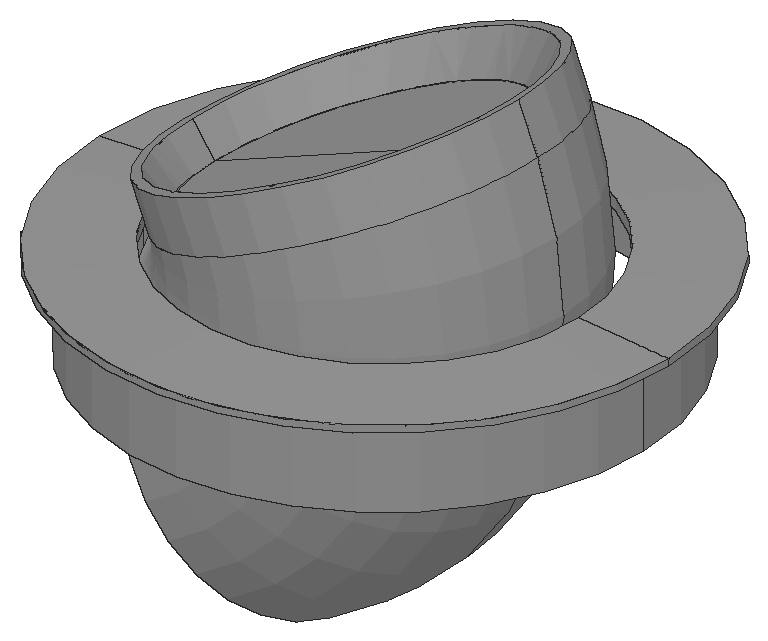
Revit family "0060581 Sylvania Lighting Fixture START Spot Scoop 1050lm 940 MB WHT", category Lighting Fixtures, host Face, Revit 2016
Family settings
  Host = Face
  Part Type = Normal
  Round Connector Dimension = Use Diameter
  OmniClass Number = 23.80.70.00
  OmniClass Title = Lighting
  Cut with Voids When Loaded = No
  Light Source = No
  Shared = No
  Room Calculation Point = No
Parameters (values of type "0060581 START Spot Scoop 1050lm 940 MB WHT")
  Weight = "8.208 kg"
  Wattage Comments = ""
  WarrantyStartDate [instance] = "n/a"
  WarrantyGuarantorParts = "n/a"
  WarrantyDurationUnit = "n/a"
  WarrantyDurationParts = "n/a"
  WarrantyDescription = "n/a"
  Voltage = 230 V
  URL = "http://www.sylvania-lighting.com"
  TypeName = "START Spot Scoop 1050lm 940 MB WHT"
  TypeHeadS_SYL = START Spot Scoop Head S : 0060581 START Spot Scoop 1050lm 940 MB WHT
  Type Image = <None>
  Type Comments = "n/a"
  SerialNumber [instance] = "n/a"
  S_SYL = yes
  RotationAngle_SYL [instance] = 22.00°
  Rad4_SYL = if(S_SYL, 43 mm, if(M_SYL, 67.7 mm, 95 mm))  # 43 mm
  Rad3_SYL = Rad2_SYL - 4 mm  # 53.5 mm
  Rad2_SYL = if(S_SYL, 57.5 mm, if(M_SYL, 77.5 mm, 102.5 mm))  # 57.5 mm
  Rad1_SYL = if(S_SYL, 63 mm, if(M_SYL, 83.5 mm, 110 mm))  # 63 mm
  PowerFactor = 0
  PowerConsumption = "11.8 W"
  NominalLength = 126 mm
  NominalHeight = 99 mm
  NominalDepth = 126 mm
  Name = "START Spot Scoop 1050lm 940 MB WHT"
  ModelReference = Name  # "START Spot Scoop 1050lm 940 MB WHT"
  ModelNumber = "0060581"
  Model = Name  # "START Spot Scoop 1050lm 940 MB WHT"
  Material = "n/a"
  ManufacturerName = "Feilo Sylvania"
  Manufacturer = "Feilo Sylvania"
  M_SYL = no
  LuminousEfficacy = "88.98 lm/W"
  LuminaireType = ""
  LightOutputRatio = "n/a"
  LampsType = Lamp  # "LED"
  LampNominalLuminous = "1050  lm"
  LampMacAdamStep = "n/a"
  LampColourTemperature = "4000 K"
  LampColourRenderingIndex = "90"
  Lamp = "LED"
  Keynote = "16500"
  InstallationDate [instance] = "n/a"
  InputVoltage = "n/a"
  InputNominalFrequency = "n/a"
  IngressProtection = "IP40"
  ImpactProtectionIndex = "IK03"
  IfcExportType = "IfcLightFixtureType"
  IfcExportAs = "IfcLightFixtureType"
  ExpectedLife = 50000
  EndAngle_SYL [instance] = RotationAngle_SYL + 180.00°  # 202.00°
  ElectricShockClassification = "Class II"
  DurationUnit = "hours"
  DocumentationLiterature = "http://www.sylvania-lighting.com/product/en-int/products/0060581"
  DimmingControlOptions = "Non dimmable"
  Description = "Recessed Adjustable Accent Downlight, integrated LED, die cast aluminium body, Ø115mm cut-out, CCT 4000K, 1050lm, total power consumption 12W, resulting in 88lm/W."
  Default Elevation = 1219.2 mm
  CreatedOn = "12/6/2018"
  CreatedBy = "@sylvania-lighting.com"
  Cost = 0
  built-in parameter 1114216 [instance] = (empty or 0)
  ClassificationValue = "EF_70_80"
  ClassificationName = "Uniclass2015"
  Material_1_SYL = PC/ABS Plastic
  BarCode [instance] = "n/a"
  AssetType = "Fixed"
  AssetIdentifier [instance] = "n/a"
  Assembly Code = "D5020200"
  Apparent Load = 11.8 VA
Reference planes
  plane 1 "Center (Front/Back)": y = 0
  plane 2: z = 0
  plane 3 "Center (Left/Right)": x = 0
  plane 4: z = 1.5
  plane 5: z = 2.5
  plane 6: x = -63
  plane 7: x = -63
  plane 8: x = -43
  plane 9: x = -57.5
  plane 10: z = -16
  plane 11: z = -18.8
  plane 12: z = -100
  plane 13: x = -53.5
Forms (mm)
  Revolve 1, void
    sketch origin (0, 0, 0) x (1, 0, 0) y (0, 0, 1)
      loop
        line (0, 0) -> (-57.5, 0) -> (-57.5, -100) -> (0, -100) -> (0, 0)
      axis (0, 0) -> (0, -100)
    angle from 360 to 0
  Revolve 2, solid, material "PC/ABS Plastic" <- "Material_1_SYL"
    sketch origin (0, 0, 0) x (1, 0, 0) y (0, 0, 1)
      loop
        line (-63, 0) -> (-57.5, 0) -> (-57.5, -18.8) -> (-53.5, -18.8) -> (-53.5, 0) -> (-43, 0) -> (-43, 2.5) -> (-63, 1.5) -> (-63, 0)
      axis (0, 2.5) -> (0, -18.8)
    angle from 360 to 0
  Revolve 3, solid, not visible
    sketch origin (0, 0, 0) x (1, 0, 0) y (0, 1, 0)
      loop
        line (-43, -8.793) -> (-43, 6.207) -> (-48, 6.207) -> (-48, -8.793) -> (-43, -8.793)
      axis (-43, 6.207) -> (-43, -8.793)
    angle from 22 <- "RotationAngle_SYL" to 202 <- "EndAngle_SYL"
Dimensions and locks
  locked: plane 2 to plane 12 at 100
  "Rad1_SYL": plane 3 "Center (Left/Right)" to plane 7
  "Rad2_SYL": plane 3 "Center (Left/Right)" to plane 9
  "Rad3_SYL": plane 3 "Center (Left/Right)" to plane 13
  "Rad4_SYL": plane 3 "Center (Left/Right)" to plane 8
  aligned and locked: plane 2 to host face
  aligned and locked: level to host face
  aligned and locked: Revolve 1 sketch curve to plane 3 "Center (Left/Right)"
  aligned and locked: level to Revolve 1 sketch curve
  aligned and locked: plane 3 "Center (Left/Right)" to Revolve 1 sketch curve
  aligned and locked: Revolve 1 sketch curve to plane 9
  aligned and locked: plane 12 to Revolve 1 sketch curve
  aligned and locked: Revolve 2 sketch curve to plane 3 "Center (Left/Right)"
  aligned and locked: Revolve 2 sketch curve to plane 13
  aligned and locked: Revolve 2 sketch curve to plane 11
  aligned and locked: plane 7 to Revolve 2 sketch curve
  aligned and locked: plane 4 to Revolve 2 sketch curve
  aligned and locked: plane 2 to Revolve 2 sketch curve
  aligned and locked: plane 9 to Revolve 2 sketch curve
  aligned and locked: Revolve 2 sketch curve to plane 8
  aligned and locked: Revolve 3 sketch curve to plane 8  (x2)
  aligned and locked: plane 1 "Center (Front/Back)" to nested 1
Automatic sketch dimensions
  host sketch curve to host sketch curve = 2438.4 mm  (x2)
  plane 12 to Revolve 1 sketch curve = 509.6 mm
  Revolve 1 sketch curve to plane 5 = 2606.558 mm
  Revolve 2 sketch curve to plane 5 = 0 mm  (x2)
  Revolve 2 sketch curve to level = 0 mm
  plane 12 to Revolve 2 sketch curve = 509.6 mm
  Revolve 2 sketch curve to plane 5 = 2606.558 mm
  Revolve 2 sketch curve to plane 8 = 0 mm
  Revolve 3 sketch curve to plane 8 = 5 mm
  plane 1 "Center (Front/Back)" to Revolve 3 sketch curve = 8.793 mm
  Revolve 3 sketch curve to plane 1 "Center (Front/Back)" = 6.207 mm
  Revolve 3 sketch curve to Revolve 3 sketch curve = 2546.148 mm
  Revolve 3 sketch curve to Revolve 3 sketch curve = 2091.202 mm
Nested families
  nested 1: "START Spot Scoop Head S" at (-3.131, 0, 16.108) x (-0.9272, 0, -0.3746) z (0.3746, 0, -0.9272), type <- "TypeHeadS_SYL", type "0060581 START Spot Scoop 1050lm 940 MB WHT"
    with built-in parameter 1114216 (empty or 0), Apparent Load 11.8 VA
Connectors
  electrical at (0, 0, 0), driven by "Apparent Load", driven by "PowerFactor", driven by "Voltage"
    settings: index 1, voltage 230 V, apparent load 11.8 VA, apparent load phase1 0 VA, apparent load phase2 0 VA, apparent load phase3 0 VA, power factor 0, load classification "Lighting", number of poles 1, system type 30, power factor state 1, is connector primary yes, connector utility no, sub classification motor no, connector description ""
Definition of nested family "START Spot Scoop Head S"
  Parameters (values of type "0060581 START Spot Scoop 1050lm 940 MB WHT")
    Wattage Comments = "n/a"
    Wattage = 12 W
    built-in parameter 1150110 = 1 (stored number, unit not read)
    URL = "http://www.sylvania-lighting.com"
    Type Image = (empty or 0)
    Type Comments = "n/a"
    built-in parameter 1114217 = 1 (stored number, unit not read)
    Tilt Angle = -90.00°
    built-in parameter 1150109 = 1 (stored number, unit not read)
    built-in parameter 1150134 = 12
    built-in parameter 1150113 = 1 (stored number, unit not read)
    Photometric Web File = "0060581.ies"
    Material_3_SYL = none
    Model = "START Spot Scoop 1050lm 940 MB WHT"
    Manufacturer = "Feilo Sylvania"
    built-in parameter 1150105 = 2435.8 (stored number, unit not read)
    Lumens = 1080 lm
    built-in parameter 1150115 = 1 (stored number, unit not read)
    built-in parameter 1150137 = (empty or 0)
    built-in parameter 1150139 = (empty or 0)
    built-in parameter 1150112 = 1 (stored number, unit not read)
    built-in parameter 1150114 = 1 (stored number, unit not read)
    Lamp = "LED"
    Keynote = "16500"
    Material_2_SYL = none
    built-in parameter 1150132 = (empty or 0)
    built-in parameter 1150102 = (empty or 0)
    built-in parameter 1150107 = 4000 (stored number, unit not read)
    built-in parameter 1150138 = (empty or 0)
    built-in parameter 1150106 = 24.358 (stored number, unit not read)
    Emit from Circle Diameter = 66 mm
    Emit Shape Visible in Rendering = no
    built-in parameter 1150104 = 8.3613 (stored number, unit not read)
    Dimming Lamp Color Temperature Shift = (empty or 0)
    Description = "Recessed Adjustable Accent Downlight, integrated LED, die cast aluminium body, Ø115mm cut-out, CCT 4000K, 1050lm, total power consumption 12W, resulting in 88lm/W."
    Default Elevation = 1219.2 mm
    Cost = 0
    Color Filter = 16777215
    built-in parameter 1114216 [instance] = (empty or 0)
    Material_1_SYL = none
    built-in parameter 1114218 = 1 (stored number, unit not read)
    built-in parameter 1150133 = 10 (stored number, unit not read)
    Assembly Code = "D5020200"
    Apparent Load = 12 VA
    Material_4_SYL = none
  Types (2, lengths in mm): name | built-in parameter 1150134 | Photometric Web File | Model | built-in parameter 1150105 | built-in parameter 1150107 | built-in parameter 1150106 | Description
    0060581 START Spot Scoop 1050lm 940 MB WHT | 12 | "0060581.ies" | "START Spot Scoop 1050lm 940 MB WHT" | 2435.8 (stored number, unit not read) | 4000 (stored number, unit not read) | 24.358 (stored number, unit not read) | "Recessed Adjustable Accent Downlight, integrated LED, die cast aluminium body, Ø115mm cut-out, CCT 4000K, 1050lm, total power consumption 12W, resulting in 88lm/W."
    0060580 START Spot Scoop 1050lm 930 MB WHT | (empty or 0) | "0060580.ies" | "START Spot Scoop 1050lm 930 MB WHT" | 2353.1 (stored number, unit not read) | 3000 (stored number, unit not read) | 23.531 (stored number, unit not read) | "Recessed Adjustable Accent Downlight, integrated LED, die cast aluminium body, Ø115mm cut-out, CCT 3000K, 1050lm, total power consumption 12W, resulting in 88lm/W."
  Reference planes
    plane 1 "Center (Front/Back)": y = 0
    plane 2: z = 0
    plane 3 "Center (Left/Right)": x = 0
    plane 4: x = 40
    plane 5: x = -40
    plane 6: z = -11
    plane 7: z = 6.25
    plane 8: z = 34
    plane 9: x = -38
    plane 10: x = 38
    plane 11: x = 3
    plane 12: z = -3
    plane 13: x = -3
    plane 14: z = -1.5
    plane 15: x = -30
  Forms (mm)
    Extrusion 1, solid
      sketch origin (4.2, 0, 0) x (1, 0, 0) y (0, 1, 0)
        loop
          line (-1219.2, 1219.2) -> (-1219.2, -1219.2) -> (1219.2, -1219.2) -> (1219.2, 1219.2) -> (-1219.2, 1219.2)
      from 0 to -68.017
    SweptBlend 2, solid, material <- "Material_1_SYL"
      path in 3D
        loop
          arc (-40, 0, 0) -> (-18.505, 0, 54.668) -> (34.467, 0, 80.056) r 80.265
      profile origin (-40, 0, 0) x (-1, 0, 0) y (0, -1, 0)
        loop
          circle (-40, 0) r 40
      end profile origin (34.467, 0, 80.056) x (-0.072239, 0, 0.997387) y (0, -1, 0)
        loop
          circle (-40, 0) r 40
    Extrusion 3, solid, material <- "Material_1_SYL"
      sketch origin (0, 0, 0) x (1, 0, 0) y (0, 1, 0)
        loop
          circle (0, 0) r 40
      from -11 to 0
    Blend 4, void
      base sketch origin (1223.4, -4572, -11) x (-1, 0, 0) y (0, -1, 0)
        loop
          circle (1223.4, -4572) r 38
      top sketch origin (1223.4, -4572, -11) x (-1, 0, 0) y (0, -1, 0)
        loop
          circle (1220.4, -4572) r 33
      from 0 to 8
    Revolve 5, void
      sketch origin (0, 0, 0) x (1, 0, 0) y (0, 0, 1)
        loop
          line (3, 34) -> (-3, 34)
          arc (-3, 34) -> (-22.483, 20.801) -> (-30, -1.5) r 36.838
          line (-30, -1.5) -> (-30, -3) -> (3, -3) -> (3, 34)
        axis (3, 34) -> (3, -3)
      angle from 360 to 0
    Revolve 6, solid, material <- "Material_2_SYL"
      sketch origin (0, 0, 0) x (1, 0, 0) y (0, 0, 1)
        loop
          line (3, -3) -> (3, -1.5) -> (-30, -1.5) -> (-30, -3) -> (3, -3)
        axis (3, -1.5) -> (3, -3)
      angle from 360 to 0
  Cuts and joins
    Blend 4, Revolve 5 cuts SweptBlend 2
    Blend 4, Revolve 5 cuts Extrusion 3
    joined: SweptBlend 2, Extrusion 3
  Lines and regions (mm)
    reference lines
      curve 1: arc (-40, 0, 0) -> (-18.505, 0, 54.668) -> (34.467, 0, 80.056) r 80.265
      curve 2: circle (0, 0, 0) r 40 normal (0, 0, 1)
      curve 3: circle (37.357, 0, 40.16) r 40 normal (0.9974, 0, 0.0722)
      curve 5: circle (0, 0, -11) r 38 normal (0, 0, 1)
      curve 6: circle (3, 0, -3) r 33 normal (0, 0, 1)
    sketch lines
      curve 4: arc (-40, 0, 0) -> (-18.505, 0, 54.668) -> (34.467, 0, 80.056) r 80.265
  Dimensions and locks
    equal spacing: plane 4, plane 3 "Center (Left/Right)", plane 5
    locked: plane 4 to plane 5 at 80
    locked: level to plane 6 at 11
    locked: plane 8 to plane 6 at 45
    equal spacing: plane 10, plane 3 "Center (Left/Right)", plane 9
    locked: plane 9 to plane 5 at 2
    locked: plane 11 to plane 3 "Center (Left/Right)" at 3
    locked: plane 12 to plane 6 at 8
    locked: plane 11 to plane 13 at 6
    locked: plane 14 to plane 12 at 1.5
    locked: plane 3 "Center (Left/Right)" to plane 15 at 30
    aligned and locked: plane 2 to Extrusion 1
    aligned and locked: level to Extrusion 1
    aligned and locked: plane 5 to curve 1
    aligned and locked: SweptBlend 2 sketch curve to curve 2
    aligned and locked: SweptBlend 2 sketch curve to curve 3
    aligned and locked: Extrusion 3 sketch curve to curve 2
    aligned and locked: level to Extrusion 3
    aligned and locked: plane 6 to Extrusion 3
    aligned and locked: plane 2 to Extrusion 3
    aligned and locked: plane 11 to curve 6
    aligned and locked: plane 1 "Center (Front/Back)" to curve 6
    aligned and locked: Blend 4 sketch curve to curve 5
    aligned and locked: Blend 4 sketch curve to curve 6
    aligned and locked: Extrusion 3 to Blend 4
    aligned and locked: Blend 4 to plane 12
    aligned and locked: Revolve 5 sketch curve to plane 11  (x2)
    aligned and locked: Revolve 5 sketch curve to curve 6
    aligned and locked: Revolve 5 sketch curve to cut or joined group of SweptBlend 2, Extrusion 3, Blend 4, Revolve 5
    aligned and locked: plane 14 to Revolve 5 sketch curve
    aligned and locked: Revolve 6 sketch curve to plane 12
    aligned and locked: plane 14 to Revolve 6 sketch curve
    aligned and locked: Revolve 6 sketch curve to plane 11  (x2)
    aligned and locked: plane 15 to Revolve 6 sketch curve
    aligned and locked: plane 12 to imposter light
    aligned and locked: imposter light to plane 1 "Center (Front/Back)"
    aligned and locked: imposter light to plane 11
  Automatic sketch dimensions
    Extrusion 1 sketch curve to Extrusion 1 sketch curve = 2438.4 mm  (x2)
    curve 1 to level = 0 mm
    plane 4 to curve 1 = 0.265 mm
    curve 1 to plane 4 = 5.533 mm
    plane 1 "Center (Front/Back)" to curve 3 = 0 mm
    plane 1 "Center (Front/Back)" to curve 2 = 0 mm
    curve 2 to plane 3 "Center (Left/Right)" = 0 mm
    plane 1 "Center (Front/Back)" to curve 5 = 0 mm
    curve 5 to plane 3 "Center (Left/Right)" = 0 mm
    Revolve 5 sketch curve to plane 13 = 0 mm
    Revolve 5 sketch curve to plane 8 = 0 mm
    plane 6 to Revolve 5 sketch curve = 598.6 mm
    Revolve 5 sketch curve to Revolve 5 sketch curve = 2575.058 mm
    plane 6 to Revolve 6 sketch curve = 598.6 mm
    Revolve 6 sketch curve to plane 8 = 2575.058 mm
    radius of curve 3 = 40 mm
    radius of curve 2 = 40 mm
    radius of curve 5 = 38 mm
    radius of curve 6 = 33 mm
  Connectors
    electrical at (0, 0, 0), driven by "Apparent Load"
      settings: index 1, voltage 230 V, apparent load 12 VA, apparent load phase1 0 VA, apparent load phase2 0 VA, apparent load phase3 0 VA, power factor 0, load classification none, number of poles 1, system type 30, power factor state 1, is connector primary yes, connector utility no, sub classification motor no, connector description ""
